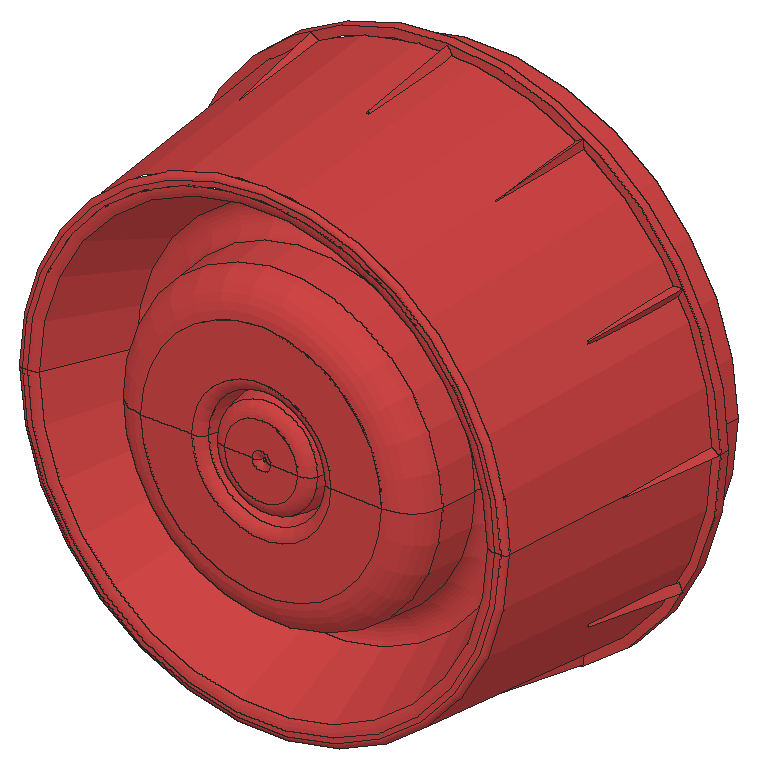
Revit family "DC NFXI-WS-R", category Fire Alarm Devices, Revit 2014
Parameters (values of type "Notifier by Honeywell Opal QAddressable Wall Sounder NFXI-WS-R")
  Zone number = ""
  URL = "www.notifierfiresystems.co.uk"
  Tel No. = "+44 (0) 1273 897000"
  Product Code = "NFXI-WS-R"
  Model = "Wall Mounted Sounder"
  Manufacturer = "Notifier by Honeywell"
  Loop number = ""
  Fax No. = "+44 (0) 1273 376894"
  Email = "sales@notifierfiresystems.co.uk"
  Detector number = ""
  Description = "Opal Addressable Wall Sounder"
  Control Panel name = ""
  Assembly Code = "D4090900"
  Address line 1 = "Caburn House, Brooks Road, Lewes, E. Sussex BN7 2BY, UK"
Reference planes
  plane 1 "Center (Front/Back)": y = 0
  plane 2: z = 0
  plane 3 "Center (Left/Right)": x = 0
  plane 4: y = -0.006
Forms (mm)
  Revolve 1, solid, material "Plastic - Green Generic"
    sketch origin (0, 0, 0) x (1, 0, 0) y (0, 1, 0)
      loop
        line (-54.817, -62.964) -> (-59.419, -12.006) -> (-61.419, -12.006) -> (-61.419, -10.006) -> (0, -10.006) -> (0, -61.313) -> (-0.485, -62.901)
        arc (-0.485, -62.901) -> (-1.099, -63.696) -> (-2.039, -64.006) r 1.58
        line (-2.039, -64.006) -> (-8.207, -64.006)
        arc (-8.207, -64.006) -> (-9.965, -63.502) -> (-11.188, -62.144) r 3.316
        line (-11.188, -62.144) -> (-12.011, -58.581) -> (-13.181, -62.41)
        arc (-13.181, -62.41) -> (-14.175, -63.571) -> (-15.639, -64.006) r 2.7
        line (-15.639, -64.006) -> (-26.998, -64.006)
        arc (-26.998, -64.006) -> (-32.313, -62.08) -> (-35.161, -57.196) r 8.297
        line (-35.161, -57.196) -> (-35.889, -49.126)
        arc (-35.889, -49.126) -> (-38.355, -45.68) -> (-42.565, -46.154) r 4.184
        line (-42.565, -46.154) -> (-50.205, -63.314)
        arc (-50.205, -63.314) -> (-51.287, -63.825) -> (-52.47, -64.006) r 4.145
        line (-52.47, -64.006) -> (-53.601, -64.006)
        arc (-53.601, -64.006) -> (-54.459, -63.657) -> (-54.831, -62.809) r 1.231
      axis (0, -10.006) -> (0, -64.006)
    angle from 0 to 360
  Revolve 2, solid, material "Plastic - Green Generic"
    sketch origin (0, 10, 0) x (1, 0, 0) y (0, 1, 0)
      loop
        line (-55.638, -10.006) -> (-54.958, -17.538)
        arc (-54.958, -17.538) -> (-53.926, -19.308) -> (-51.999, -20.006) r 3.007
        line (-51.999, -20.006) -> (0, -20.006) -> (0, -10.006) -> (-55.638, -10.006)
      axis (0, -10.006) -> (0, -20.006)
    angle from 0 to 360
  SweptBlend 3, solid, material "Plastic - Green Generic"
    path origin (0.149, 0, -0.085) x (1, 0, 0) y (0, 1, 0)
      loop
        line (59.411, -12.007) -> (57.448, -34.441)
    profile origin (59.56, -12.007, -0.085) x (0.996195, -0.087156, 0) y (0, 0, 1)
      loop
        line (-0.078, 0.943) -> (-0.078, -0.943) -> (1.623, 0) -> (-0.078, 0.943)
    end profile origin (57.598, -34.441, -0.085) x (0.996195, -0.087156, 0) y (0, 0, 1)
      loop
        line (-0.026, 0) -> (-2.253, 1.678) -> (-2.253, -1.678) -> (-0.026, 0)
  SweptBlend 4, solid, material "Plastic - Green Generic"
    path origin (0.149, 0, -0.085) x (-1, 0, 0) y (0, 1, 0)
      loop
        line (59.411, -12.007) -> (57.448, -34.441)
    profile origin (-59.262, -12.007, -0.085) x (0.996195, 0.087156, 0) y (0, 0, 1)
      loop
        line (0.078, 0.943) -> (-1.623, 0) -> (0.078, -0.943) -> (0.078, 0.943)
    end profile origin (-57.299, -34.441, -0.085) x (0.996195, 0.087156, 0) y (0, 0, 1)
      loop
        line (0.026, 0) -> (2.253, -1.678) -> (2.253, 1.678) -> (0.026, 0)
  SweptBlend 5, solid, material "Plastic - Green Generic"
    path origin (0.149, 0, -0.085) x (0, 0, -1) y (0, -1, 0)
      loop
        line (59.411, 12.007) -> (57.448, 34.441)
    profile origin (0.149, -12.007, -59.496) x (0, 0.087156, 0.996195) y (-1, 0, 0)
      loop
        line (0.078, 0.943) -> (-1.623, 0) -> (0.078, -0.943) -> (0.078, 0.943)
    end profile origin (0.149, -34.441, -57.533) x (0, 0.087156, 0.996195) y (-1, 0, 0)
      loop
        line (0.026, 0) -> (2.253, -1.678) -> (2.253, 1.678) -> (0.026, 0)
  SweptBlend 6, solid, material "Plastic - Green Generic"
    path origin (0.149, 0, -0.085) x (0, 0, 1) y (0, 1, 0)
      loop
        line (59.411, -12.007) -> (57.448, -34.441)
    profile origin (0.149, -12.007, 59.326) x (0, -0.087156, 0.996195) y (-1, 0, 0)
      loop
        line (-0.078, 0.943) -> (-0.078, -0.943) -> (1.623, 0) -> (-0.078, 0.943)
    end profile origin (0.149, -34.441, 57.363) x (0, -0.087156, 0.996195) y (-1, 0, 0)
      loop
        line (-0.026, 0) -> (-2.253, 1.678) -> (-2.253, -1.678) -> (-0.026, 0)
  SweptBlend 7, solid, material "Plastic - Green Generic"
    path origin (0.149, 0, -0.085) x (-0.866025, 0, -0.5) y (0, 1, 0)
      loop
        line (59.411, -12.007) -> (57.448, -34.441)
    profile origin (-51.302, -12.007, -29.791) x (-0.86273, -0.087156, -0.498097) y (0.5, 0, -0.866025)
      loop
        line (-0.078, 0.943) -> (-0.078, -0.943) -> (1.623, 0) -> (-0.078, 0.943)
    end profile origin (-49.603, -34.441, -28.809) x (-0.86273, -0.087156, -0.498097) y (0.5, 0, -0.866025)
      loop
        line (-0.026, 0) -> (-2.253, 1.678) -> (-2.253, -1.678) -> (-0.026, 0)
  SweptBlend 8, solid, material "Plastic - Green Generic"
    path origin (0.149, 0, -0.085) x (0.866025, 0, 0.5) y (0, -1, 0)
      loop
        line (59.411, 12.007) -> (57.448, 34.441)
    profile origin (51.601, -12.007, 29.621) x (-0.86273, 0.087156, -0.498097) y (0.5, 0, -0.866025)
      loop
        line (0.078, 0.943) -> (-1.623, 0) -> (0.078, -0.943) -> (0.078, 0.943)
    end profile origin (49.901, -34.441, 28.639) x (-0.86273, 0.087156, -0.498097) y (0.5, 0, -0.866025)
      loop
        line (0.026, 0) -> (2.253, -1.678) -> (2.253, 1.678) -> (0.026, 0)
  SweptBlend 9, solid, material "Plastic - Green Generic"
    path origin (0.149, 0, -0.085) x (0.866025, 0, -0.5) y (0, 1, 0)
      loop
        line (59.411, -12.007) -> (57.448, -34.441)
    profile origin (51.601, -12.007, -29.791) x (0.86273, -0.087156, -0.498097) y (0.5, 0, 0.866025)
      loop
        line (-0.078, 0.943) -> (-0.078, -0.943) -> (1.623, 0) -> (-0.078, 0.943)
    end profile origin (49.901, -34.441, -28.809) x (0.86273, -0.087156, -0.498097) y (0.5, 0, 0.866025)
      loop
        line (-0.026, 0) -> (-2.253, 1.678) -> (-2.253, -1.678) -> (-0.026, 0)
  SweptBlend 10, solid, material "Plastic - Green Generic"
    path origin (0.149, 0, -0.085) x (-0.866025, 0, 0.5) y (0, -1, 0)
      loop
        line (59.411, 12.007) -> (57.448, 34.441)
    profile origin (-51.302, -12.007, 29.621) x (0.86273, 0.087156, -0.498097) y (0.5, 0, 0.866025)
      loop
        line (0.078, 0.943) -> (-1.623, 0) -> (0.078, -0.943) -> (0.078, 0.943)
    end profile origin (-49.603, -34.441, 28.639) x (0.86273, 0.087156, -0.498097) y (0.5, 0, 0.866025)
      loop
        line (0.026, 0) -> (2.253, -1.678) -> (2.253, 1.678) -> (0.026, 0)
  SweptBlend 11, solid, material "Plastic - Green Generic"
    path origin (0.149, 0, -0.085) x (0.5, 0, 0.866025) y (0, 1, 0)
      loop
        line (59.411, -12.007) -> (57.448, -34.441)
    profile origin (29.855, -12.007, 51.367) x (0.498097, -0.087156, 0.86273) y (-0.866025, 0, 0.5)
      loop
        line (-0.078, 0.943) -> (-0.078, -0.943) -> (1.623, 0) -> (-0.078, 0.943)
    end profile origin (28.873, -34.441, 49.667) x (0.498097, -0.087156, 0.86273) y (-0.866025, 0, 0.5)
      loop
        line (-0.026, 0) -> (-2.253, 1.678) -> (-2.253, -1.678) -> (-0.026, 0)
  SweptBlend 12, solid, material "Plastic - Green Generic"
    path origin (0.149, 0, -0.085) x (-0.5, 0, 0.866025) y (0, -1, 0)
      loop
        line (59.411, 12.007) -> (57.448, 34.441)
    profile origin (-29.556, -12.007, 51.367) x (0.498097, 0.087156, -0.86273) y (0.866025, 0, 0.5)
      loop
        line (0.078, 0.943) -> (-1.623, 0) -> (0.078, -0.943) -> (0.078, 0.943)
    end profile origin (-28.575, -34.441, 49.667) x (0.498097, 0.087156, -0.86273) y (0.866025, 0, 0.5)
      loop
        line (0.026, 0) -> (2.253, -1.678) -> (2.253, 1.678) -> (0.026, 0)
  SweptBlend 13, solid, material "Plastic - Green Generic"
    path origin (0.149, 0, -0.085) x (0.5, 0, -0.866025) y (0, -1, 0)
      loop
        line (59.411, 12.007) -> (57.448, 34.441)
    profile origin (29.855, -12.007, -51.536) x (-0.498097, 0.087156, 0.86273) y (-0.866025, 0, -0.5)
      loop
        line (0.078, 0.943) -> (-1.623, 0) -> (0.078, -0.943) -> (0.078, 0.943)
    end profile origin (28.873, -34.441, -49.837) x (-0.498097, 0.087156, 0.86273) y (-0.866025, 0, -0.5)
      loop
        line (0.026, 0) -> (2.253, -1.678) -> (2.253, 1.678) -> (0.026, 0)
  SweptBlend 14, solid, material "Plastic - Green Generic"
    path origin (0.149, 0, -0.085) x (-0.5, 0, -0.866025) y (0, 1, 0)
      loop
        line (59.411, -12.007) -> (57.448, -34.441)
    profile origin (-29.556, -12.007, -51.536) x (-0.498097, -0.087156, -0.86273) y (0.866025, 0, -0.5)
      loop
        line (-0.078, 0.943) -> (-0.078, -0.943) -> (1.623, 0) -> (-0.078, 0.943)
    end profile origin (-28.575, -34.441, -49.837) x (-0.498097, -0.087156, -0.86273) y (0.866025, 0, -0.5)
      loop
        line (-0.026, 0) -> (-2.253, 1.678) -> (-2.253, -1.678) -> (-0.026, 0)
Lines and regions (mm)
  symbolic lines
    curve 1: circle (0, -100.006, 0) r 100 normal (0, 0, 1)
    curve 2: circle (0, -100.006, 0) r 40 normal (0, 0, 1)
